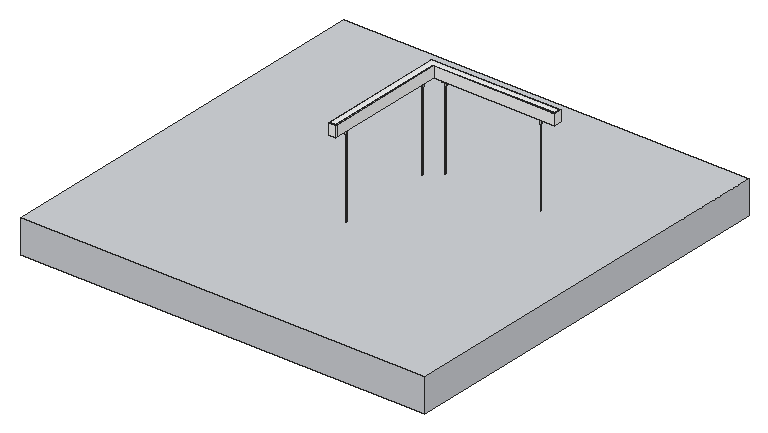
Revit family "Zumtobel SLOTLIGHT INF slim CL", category Lighting Fixtures, host Face, Revit 2016
Family settings
  Host = Face
  Part Type = Normal
  Round Connector Dimension = Use Diameter
  OmniClass Number = 23.80.70.11
  OmniClass Title = Luminaries for Internal Lighting
  Cut with Voids When Loaded = No
  Light Source = Yes
  Shared = No
  Room Calculation Point = No
Parameters (values of type "SLOIN slim CL LED2400 L775")
  Width = 45 mm  # constant formula
  Wattage = 16.8033 W
  built-in parameter 1150110 = 1 (stored number, unit not read)
  URL = "http://www.zumtobel.com/42183998"
  Type Comments = "© Zumtobel. We reserve the right to make technical changes without prior notice."  # constant formula
  built-in parameter 1114217 = 1 (stored number, unit not read)
  Tilt Angle = -90.00°
  built-in parameter 1150109 = 1 (stored number, unit not read)
  built-in parameter 1150134 = 12
  Suspension Value [instance] = if(Recessed, 0 mm, Suspension Height)  # 500 mm
  Suspension Height [instance] = 500 mm
  Surface Mount Offset [instance] = if(and(Surface Mount, Suspension Height > 0 mm), 0 mm, if(and(Surface Mount, Suspension Height = 0 mm), 8.5 mm, 0 mm))  # 0 mm
  Surface Mount Clip [instance] = and(Surface Mount, Suspension Height = 0 mm)  # no
  built-in parameter 1150113 = 1 (stored number, unit not read)
  Photometric Web File = "42183998.IES"
  Offset Body [instance] = if(Recessed, 0 mm, 7.5 mm)  # 7.5 mm
  Model = "42183998"
  Manufacturer = "Zumtobel Lighting"  # constant formula
  built-in parameter 1150105 = 198.63 (stored number, unit not read)
  Lumens = 2496 lm
  built-in parameter 1150115 = 1 (stored number, unit not read)
  Light Source Offset [instance] = if(Recessed, 0 mm, (if(and(Surface Mount, Suspension Height = 0 mm), 80 mm, 71.5 mm)))  # 71.5 mm
  built-in parameter 1150137 = (empty or 0)
  built-in parameter 1150139 = (empty or 0)
  Length = 775 mm
  built-in parameter 1150112 = 1 (stored number, unit not read)
  built-in parameter 1150114 = 1 (stored number, unit not read)
  Lamp = "LED"
  Installation Depth [instance] = if(and(Surface Mount, Suspension Height > 0 mm), 0 mm, if(and(Surface Mount, Suspension Height = 0 mm), 0 mm, 64 mm))  # 0 mm
  built-in parameter 1150132 = 2
  built-in parameter 1150102 = (empty or 0)
  built-in parameter 1150107 = 4000 (stored number, unit not read)
  built-in parameter 1150138 = (empty or 0)
  built-in parameter 1150106 = 1.9863 (stored number, unit not read)
  Height = 64 mm  # constant formula
  Frame [instance] = no
  Emit from Rectangle Width = Length  # 775 mm
  Emit from Rectangle Length = Width  # 45 mm
  Recessed [instance] = no
  Emit Shape Visible in Rendering = no
  built-in parameter 1150104 = 13.8 (stored number, unit not read)
  Dimming Lamp Color Temperature Shift = <None>
  Description = "SLOTLIGHT infinity slim corner luminaire"  # constant formula
  Default Elevation = 0 mm
  Cover 2 [instance] = yes
  Cover 1 [instance] = yes
  Color Light Emitting Surface = Zumtobel_PMMA_White
  Color Filter = 16777215
  Clip [instance] = and(Surface Mount, Suspension Height > 0 mm)  # yes
  Body = Zumtobel_Metal_White
  built-in parameter 1114218 = 1 (stored number, unit not read)
  built-in parameter 1150133 = 10 (stored number, unit not read)
  Assembly Code = "D5020200"
  Apparent Load = 91.4 VA
  Surface Mount [instance] = not(Recessed)  # yes
Reference planes
  plane 1 "Center (Front/Back)": y = 0
  plane 2 "Top": z = 0
  plane 3 "Center (Left/Right)": x = -0.5
  plane 4: y = 387.5
  plane 5: y = -387.5
  plane 6: x = 22
  plane 7: x = -23
  plane 8: z = 23
  plane 9 "Installation": z = 0
  plane 10 "Bottom": z = 0
  plane 11: z = 500
  plane 12: z = 571.5
  plane 13: z = 0
  plane 14: x = 755
Forms (mm)
  Extrusion 1, solid
    sketch origin (0, 0, 0) x (1, 0, 0) y (0, 1, 0)
      loop
        line (-1219.2, 1219.2) -> (-1219.2, -1219.2) -> (1219.2, -1219.2) -> (1219.2, 1219.2) -> (-1219.2, 1219.2)
    from 0 to -200
  Extrusion 2, void
    sketch origin (0, 0, 0) x (-1, 0, 0) y (0, -1, 0)
      loop
        line (23, 387.5) -> (-22, 387.5) -> (-22, -342.5) -> (-755, -342.5) -> (-755, -387.5) -> (23, -387.5) -> (23, 387.5)
    from 0 to 250
Dimensions and locks
  equal spacing: plane 4, plane 1 "Center (Front/Back)", plane 5
  "Length": plane 4 to plane 5
  "Width": plane 7 to plane 6
  equal spacing: plane 7, plane 3 "Center (Left/Right)", plane 6
  "Installation Depth": plane 2 "Top" to plane 9 "Installation"
  "Suspension Value": plane 11 to plane 10 "Bottom"
  "Light Source Offset": plane 12 to plane 11
  "Surface Mount Offset": plane 13 to plane 9 "Installation"
  aligned and locked: plane 2 "Top" to Extrusion 1
  aligned and locked: level to Extrusion 1
  aligned: Extrusion 2 to imposter light
  aligned: plane 9 "Installation" to nested 1
  aligned: Extrusion 2 to plane 10 "Bottom"
  aligned: Extrusion 2 to nested 1
  aligned and locked: plane 3 "Center (Left/Right)" to nested 1
  aligned and locked: nested 1 to plane 1 "Center (Front/Back)"
  aligned: imposter light to nested 1
  aligned and locked: Extrusion 2 sketch curve to plane 6
  aligned and locked: plane 7 to Extrusion 2 sketch curve
  aligned and locked: Extrusion 2 sketch curve to plane 5
  aligned and locked: plane 3 "Center (Left/Right)" to imposter light
  aligned and locked: imposter light to plane 12
  aligned and locked: nested 1 to plane 13
Automatic sketch dimensions
  Extrusion 1 sketch curve to Extrusion 1 sketch curve = 2438.4 mm  (x2)
  Extrusion 2 sketch curve to plane 4 = 0 mm
  plane 4 to Extrusion 2 sketch curve = 45 mm
  Extrusion 2 sketch curve to plane 14 = 0 mm
Nested families
  nested 1: "Zumtobel SLOTLIGHT - Body" at (199.5, 197.576, 120), Suspension Height <- "Suspension Value", Color Light Emitting Surface <- "Color Light Emitting Surface", Offset <- "Offset Body", Cover 1 <- "Cover 1", Cover 2 <- "Cover 2", Clip <- "Clip", Frame <- "Frame", Surface Mount Clip <- "Surface Mount Clip", type "Zumtobel SLOTLIGHT - Body"
    with Suspension Length 500 mm, Suspension Height 500 mm, Suspension yes, Surface Mount Clip no, Offset 7.5 mm, Frame no, Cover 2 yes, Cover 1 yes, Color Light Emitting Surface Zumtobel_PMMA_White, Clip yes
Connectors
  electrical at (-0.5, 287.5, 0), driven by "Apparent Load"
    settings: index 1, voltage 230 V, apparent load 0 VA, apparent load phase1 91.4 VA, apparent load phase2 0 VA, apparent load phase3 0 VA, power factor 1, load classification "Other", number of poles 1, system type 31, power factor state 1, is connector primary yes, connector utility no, sub classification motor no, connector description ""
Definition of nested family "Zumtobel SLOTLIGHT - Body"
  Parameters (values of type "Zumtobel SLOTLIGHT - Body")
    Width = 45 mm
    Wattage = 16.8033 W
    built-in parameter 1150110 = 1 (stored number, unit not read)
    Voltage = 0
    URL = ""
    built-in parameter 1114217 = 1 (stored number, unit not read)
    Tilt Angle = -90.00°
    built-in parameter 1150109 = 1 (stored number, unit not read)
    built-in parameter 1150134 = 12
    Suspension Length [instance] = if(Suspension Height = 0 mm, 500 mm, Suspension Height)  # 250 mm
    Suspension Height [instance] = 250 mm
    Suspension [instance] = (Suspension Height > 0 mm)  # yes
    Surface Mount Clip [instance] = yes
    built-in parameter 1150113 = 1 (stored number, unit not read)
    Photometric Web File = "42183998.IES"
    Offset [instance] = 7.5 mm
    Model = ""
    Manufacturer = "Zumtobel Lighting"
    built-in parameter 1150105 = 919.78 (stored number, unit not read)
    Lumens = 2496 lm
    built-in parameter 1150115 = 1 (stored number, unit not read)
    built-in parameter 1150137 = (empty or 0)
    built-in parameter 1150139 = (empty or 0)
    Length = 775 mm
    built-in parameter 1150112 = 1 (stored number, unit not read)
    built-in parameter 1150114 = 1 (stored number, unit not read)
    Lamp = ""
    built-in parameter 1150132 = 2
    built-in parameter 1150102 = (empty or 0)
    built-in parameter 1150107 = 4000 (stored number, unit not read)
    built-in parameter 1150138 = (empty or 0)
    built-in parameter 1150106 = 9.1978 (stored number, unit not read)
    Height = 64 mm
    Frame [instance] = yes
    Emit from Rectangle Width = 45 mm
    Emit from Rectangle Length = 775 mm
    Emit Shape Visible in Rendering = no
    built-in parameter 1150104 = 13.8 (stored number, unit not read)
    Dimming Lamp Color Temperature Shift = (empty or 0)
    Description = ""
    Cover 2 [instance] = yes
    Cover 1 [instance] = yes
    Color Light Emitting Surface [instance] = none
    Color Filter = 16777215
    Clip [instance] = yes
    Body = none
    built-in parameter 1114218 = 1 (stored number, unit not read)
    built-in parameter 1150133 = 10 (stored number, unit not read)
    Assembly Code = "D5020200"
    Apparent Load = 0 VA
  Reference planes
    plane 1 "Bottom Body": z = 130
    plane 2 "Center (Left/Right)": x = -200
    plane 3 "Center (Front/Back)": y = -197.576
    plane 4 "Light Source Axis 1": y = -382.129
    plane 5 "Back": y = 189.924
    plane 6 "Front": y = -585.076
    plane 7: x = -177.5
    plane 8: x = -222.5
    plane 9 "Top": z = 201.5
    plane 10: z = 153
    plane 11 "Bottom": z = -120
    plane 12 "Suspension 2": y = 89.924
    plane 13 "Suspension 1": y = -485.076
    plane 14 "Suspension Height": z = 130
    plane 15: z = 105
    plane 16: z = 137.5
    plane 17: y = 199.924
    plane 18: x = 552.5
    plane 19: x = 452.5
    plane 20: y = 144.924
    plane 21: y = 167.424
    plane 22: x = -122.5
    plane 23: x = 165
  Forms (mm)
    Extrusion 1, solid, visible <- "Suspension", detail levels medium+fine
      sketch origin (0, 0, -120) x (1, 0, 0) y (0, 1, 0)
        loop
          circle (-200, 89.924) r 1.5
        loop
          circle (-200, -485.076) r 1.5
        loop
          circle (-122.5, 167.424) r 1.5
        loop
          circle (452.5, 167.424) r 1.5
      from 0 to 225
    Extrusion 2, solid, visible <- "Suspension", detail levels medium+fine
      sketch origin (0, 0, -40) x (1, 0, 0) y (0, 1, 0)
        loop
          circle (-200, 89.924) r 5
        loop
          circle (-200, -485.076) r 5
        loop
          circle (-122.5, 167.424) r 5
        loop
          circle (452.5, 167.424) r 5
      from 145 to 170
    Sweep 3, solid, material <- "Body", detail levels medium+fine
      path origin (0, 0, 201.5) x (-1, 0, 0) y (0, -1, 0)
        loop
          line (200, 585.076) -> (200, -167.424) -> (-552.5, -167.424)
      profile "Zumtobel SLOTLIGHT INF Profile : Zumtobel SLOTLIGHT INF Profile" origin (-200, -208.826, 201.5) x (-1, 0, 0) y (0, 0, 1)
        loop
          line (-22.5, -64) -> (-20, -64) -> (-20, -59) -> (20, -59) -> (20, -64) -> (22.5, -64) -> (22.5, 0) -> (20, 0) -> (20, -5) -> (17.5, -5) -> (17.5, 0) -> (-17.5, 0) -> (-17.5, -5) -> (-20, -5) -> (-20, 0) -> (-22.5, 0) -> (-22.5, -64)
    Sweep 4, solid, visible <- "Clip", detail levels medium+fine
      path origin (0, 0, 201.5) x (-1, 0, 0) y (0, -1, 0)
        loop
          line (200, -79.924) -> (200, -99.924)
      profile "Zumtobel SLOTLIGHT INF Clip Profile : Zumtobel SLOTLIGHT INF Clip Profile" origin (-200, 89.924, 201.5) x (-1, 0, 0) y (0, 0, 1)
        loop
          line (-20.008, -59.002) -> (-20.008, -61.502) -> (-14.508, -61.502) -> (-12.014, -71.502) -> (12.014, -71.502) -> (14.508, -61.502) -> (20.008, -61.502) -> (20.008, -59.002) -> (12.554, -59.002) -> (10.061, -69.002) -> (-10.061, -69.002) -> (-12.554, -59.002) -> (-20.008, -59.002)
    Sweep 5, solid, visible <- "Clip", detail levels medium+fine
      path origin (0, -395.153, 201.5) x (-1, 0, 0) y (0, 1, 0)
        loop
          line (200, -79.924) -> (200, -99.924)
      profile "Zumtobel SLOTLIGHT INF Clip Profile : Zumtobel SLOTLIGHT INF Clip Profile" origin (-200, -485.076, 201.5) x (1, 0, 0) y (0, 0, 1)
        loop
          line (20.008, -59.002) -> (12.554, -59.002) -> (10.061, -69.002) -> (-10.061, -69.002) -> (-12.554, -59.002) -> (-20.008, -59.002) -> (-20.008, -61.502) -> (-14.508, -61.502) -> (-12.014, -71.502) -> (12.014, -71.502) -> (14.508, -61.502) -> (20.008, -61.502) -> (20.008, -59.002)
    Sweep 6, solid, material <- "Body", visible <- "Cover 1", detail levels medium+fine
      path origin (0, -395.153, 201.5) x (-1, 0, 0) y (0, 1, 0)
        loop
          line (200, -189.924) -> (200, -192.924)
      profile "Zumtobel SLOTLIGHT INF Cover : Zumtobel SLOTLIGHT INF Cover" origin (-200, -586.576, 201.5) x (1, 0, 0) y (0, 0, 1)
        loop
          line (22.5, -64) -> (22.5, 0) -> (-22.5, 0) -> (-22.5, -64) -> (22.5, -64)
    Sweep 7, solid, material <- "Body", visible <- "Frame", detail levels medium+fine
      path origin (100, 0, 201.5) x (-1, 0, 0) y (0, -1, 0)
        loop
          line (300, 585.076) -> (300, -167.424) -> (-452.5, -167.424)
      profile "Zumtobel SLOTLIGHT INF Frame : Zumtobel SLOTLIGHT INF Frame" origin (-200, -208.826, 201.5) x (-1, 0, 0) y (0, 0, 1)
        loop
          line (25, 0) -> (25, 2.5) -> (20, 2.5) -> (20, 0) -> (25, 0)
        loop
          line (-25, 0) -> (-20, 0) -> (-20, 2.5) -> (-25, 2.5) -> (-25, 0)
    Extrusion 8, solid, material <- "Body", visible <- "Frame", detail levels medium+fine
      sketch origin (0, -585.076, 0) x (-1, 0, 0) y (0, 0, 1)
        loop
          line (225, 204) -> (175, 204) -> (175, 201.5) -> (225, 201.5) -> (225, 204)
      from 0 to -5
    Sweep 9, solid, visible <- "Surface Mount Clip", detail levels medium+fine
      path origin (-162.76, -34.525, 201.5) x (-1, 0, 0) y (0, -1, 0)
        loop
          line (37.24, -134.448) -> (37.24, -114.448)
      profile "Zumtobel SLOTLIGHT INF Surface Mount Profile : Zumtobel SLOTLIGHT INF Surface Mount Profile" origin (-200, 89.924, 201.5) x (1, 0, 0) y (0, 0, 1)
        loop
          line (20.008, -59.002) -> (-20.008, -59.002) -> (-20.008, -64.002) -> (-16.018, -80.002) -> (16.018, -80.002) -> (20.008, -64.002) -> (20.008, -59.002)
    Sweep 10, solid, visible <- "Surface Mount Clip", detail levels medium+fine
      path origin (-162.76, -360.628, 201.5) x (-1, 0, 0) y (0, 1, 0)
        loop
          line (37.24, -134.448) -> (37.24, -114.448)
      profile "Zumtobel SLOTLIGHT INF Surface Mount Profile : Zumtobel SLOTLIGHT INF Surface Mount Profile" origin (-200, -485.076, 201.5) x (-1, 0, 0) y (0, 0, 1)
        loop
          line (-20.008, -59.002) -> (-20.008, -64.002) -> (-16.018, -80.002) -> (16.018, -80.002) -> (20.008, -64.002) -> (20.008, -59.002) -> (-20.008, -59.002)
    Sweep 11, solid, material <- "Body", visible <- "Cover 2", detail levels medium+fine
      path origin (362.576, 364.924, 201.5) x (0, -1, 0) y (-1, 0, 0)
        loop
          line (197.5, -189.924) -> (197.5, -192.924)
      profile "Zumtobel SLOTLIGHT INF Cover : Zumtobel SLOTLIGHT INF Cover" origin (554, 167.424, 201.5) x (0, 1, 0) y (0, 0, 1)
        loop
          line (22.5, -64) -> (22.5, 0) -> (-22.5, 0) -> (-22.5, -64) -> (22.5, -64)
    Extrusion 12, solid, material <- "Body", visible <- "Frame", detail levels medium+fine
      sketch origin (552.5, 367.424, 0) x (0, -1, 0) y (0, 0, 1)
        loop
          line (225, 204) -> (175, 204) -> (175, 201.5) -> (225, 201.5) -> (225, 204)
      from 0 to -5
    Sweep 13, solid, visible <- "Clip", detail levels medium+fine
      path origin (-32.576, -32.576, 201.5) x (0, 1, 0) y (1, 0, 0)
        loop
          line (200, -79.924) -> (200, -99.924)
      profile "Zumtobel SLOTLIGHT INF Clip Profile : Zumtobel SLOTLIGHT INF Clip Profile" origin (-122.5, 167.424, 201.5) x (0, -1, 0) y (0, 0, 1)
        loop
          line (20.008, -59.002) -> (12.554, -59.002) -> (10.061, -69.002) -> (-10.061, -69.002) -> (-12.554, -59.002) -> (-20.008, -59.002) -> (-20.008, -61.502) -> (-14.508, -61.502) -> (-12.014, -71.502) -> (12.014, -71.502) -> (14.508, -61.502) -> (20.008, -61.502) -> (20.008, -59.002)
    Sweep 14, solid, visible <- "Clip", detail levels medium+fine
      path origin (362.576, -32.576, 201.5) x (0, 1, 0) y (-1, 0, 0)
        loop
          line (200, -79.924) -> (200, -99.924)
      profile "Zumtobel SLOTLIGHT INF Clip Profile : Zumtobel SLOTLIGHT INF Clip Profile" origin (452.5, 167.424, 201.5) x (0, 1, 0) y (0, 0, 1)
        loop
          line (-20.008, -59.002) -> (-20.008, -61.502) -> (-14.508, -61.502) -> (-12.014, -71.502) -> (12.014, -71.502) -> (14.508, -61.502) -> (20.008, -61.502) -> (20.008, -59.002) -> (12.554, -59.002) -> (10.061, -69.002) -> (-10.061, -69.002) -> (-12.554, -59.002) -> (-20.008, -59.002)
    Sweep 15, solid, visible <- "Surface Mount Clip", detail levels medium+fine
      path origin (1.948, 130.184, 201.5) x (0, 1, 0) y (1, 0, 0)
        loop
          line (37.24, -134.448) -> (37.24, -114.448)
      profile "Zumtobel SLOTLIGHT INF Surface Mount Profile : Zumtobel SLOTLIGHT INF Surface Mount Profile" origin (-122.5, 167.424, 201.5) x (0, 1, 0) y (0, 0, 1)
        loop
          line (-20.008, -59.002) -> (-20.008, -64.002) -> (-16.018, -80.002) -> (16.018, -80.002) -> (20.008, -64.002) -> (20.008, -59.002) -> (-20.008, -59.002)
    Sweep 16, solid, visible <- "Surface Mount Clip", detail levels medium+fine
      path origin (328.052, 130.184, 201.5) x (0, 1, 0) y (-1, 0, 0)
        loop
          line (37.24, -134.448) -> (37.24, -114.448)
      profile "Zumtobel SLOTLIGHT INF Surface Mount Profile : Zumtobel SLOTLIGHT INF Surface Mount Profile" origin (452.5, 167.424, 201.5) x (0, -1, 0) y (0, 0, 1)
        loop
          line (20.008, -59.002) -> (-20.008, -59.002) -> (-20.008, -64.002) -> (-16.018, -80.002) -> (16.018, -80.002) -> (20.008, -64.002) -> (20.008, -59.002)
  Cuts and joins
    joined: Sweep 7, Extrusion 8, Extrusion 12
  Lines and regions (mm)
    symbolic lines, detail levels coarse
      curve 1: line (-222.5, -585.076, -120) -> (-177.5, -585.076, -120)
      curve 2: line (-200, 167.424, -120) -> (-200, -585.076, -120)
  Dimensions and locks
    locked: plane 3 "Center (Front/Back)" to plane 4 "Light Source Axis 1" at 184.553
    equal spacing: plane 5 "Back", plane 3 "Center (Front/Back)", plane 6 "Front"
    "Length": plane 5 "Back" to plane 6 "Front"
    equal spacing: plane 8, plane 2 "Center (Left/Right)", plane 7
    locked: plane 8 to plane 7 at 45
    "Height": plane 9 "Top" to plane 16
    plane 10 to plane 1 "Bottom Body" = 23 mm
    locked: plane 13 "Suspension 1" to plane 6 "Front" at 100
    locked: plane 5 "Back" to plane 12 "Suspension 2" at 100
    "Suspension Height": plane 1 "Bottom Body" to plane 11 "Bottom"
    "Suspension Length": plane 14 "Suspension Height" to plane 11 "Bottom"
    "Offset": plane 16 to plane 1 "Bottom Body"
    locked: plane 14 "Suspension Height" to plane 15 at 25
    plane 17 to plane 5 "Back" = 10 mm
    "Length": plane 8 to plane 18
    locked: plane 19 to plane 18 at 100
    locked: plane 5 "Back" to plane 20 at 45
    equal spacing: plane 5 "Back", plane 21, plane 20
    locked: plane 8 to plane 22 at 100
    equal spacing: plane 8, plane 23, plane 18
    aligned and locked: level to plane 11 "Bottom"
    aligned and locked: Extrusion 1 to plane 11 "Bottom"
    aligned: plane 14 "Suspension Height" to Extrusion 1
    aligned: plane 1 "Bottom Body" to Extrusion 2
    aligned and locked: plane 8 to curve 1
    aligned and locked: curve 1 to plane 7
    aligned and locked: plane 6 "Front" to curve 2
    aligned and locked: curve 2 to plane 2 "Center (Left/Right)"
    aligned and locked: curve 1 to plane 6 "Front"
    aligned and locked: Sweep 3 sketch curve to plane 2 "Center (Left/Right)"
    aligned and locked: plane 6 "Front" to Sweep 3 sketch curve
    aligned and locked: plane 15 to Extrusion 2
    aligned and locked: Extrusion 1 to plane 15
    aligned and locked: plane 14 "Suspension Height" to Extrusion 2
    aligned and locked: plane 6 "Front" to Sweep 7 sketch curve
    aligned and locked: Sweep 3 sketch curve to plane 21
    aligned and locked: plane 18 to Sweep 3 sketch curve
    aligned and locked: Sweep 7 sketch curve to plane 21
    aligned and locked: plane 18 to Sweep 7 sketch curve
    aligned and locked: imposter light to plane 9 "Top"
  Automatic sketch dimensions
    curve 2 to plane 21 = 0 mm
    Extrusion 1 sketch curve to plane 2 "Center (Left/Right)" = 0 mm  (x2)
    Extrusion 1 sketch curve to plane 21 = 0 mm
    Extrusion 1 sketch curve to plane 22 = 0 mm
    Extrusion 1 sketch curve to plane 19 = 0 mm
    plane 13 "Suspension 1" to Extrusion 1 sketch curve = 0 mm
    Extrusion 1 sketch curve to plane 12 "Suspension 2" = 0 mm
    plane 21 to Extrusion 1 sketch curve = 0 mm
    Extrusion 2 sketch curve to plane 2 "Center (Left/Right)" = 0 mm  (x2)
    Extrusion 2 sketch curve to plane 21 = 0 mm
    Extrusion 2 sketch curve to plane 22 = 0 mm
    Extrusion 2 sketch curve to plane 19 = 0 mm
    plane 13 "Suspension 1" to Extrusion 2 sketch curve = 0 mm
    Extrusion 2 sketch curve to plane 12 "Suspension 2" = 0 mm
    plane 21 to Extrusion 2 sketch curve = 0 mm
    Sweep 4 sketch curve to plane 2 "Center (Left/Right)" = 0 mm
    plane 12 "Suspension 2" to Sweep 4 sketch curve = 10 mm
    Sweep 4 sketch curve to plane 12 "Suspension 2" = 10 mm
    Sweep 5 sketch curve to plane 2 "Center (Left/Right)" = 0 mm
    Sweep 5 sketch curve to plane 13 "Suspension 1" = 10 mm
    plane 13 "Suspension 1" to Sweep 5 sketch curve = 10 mm
    Sweep 6 sketch curve to plane 2 "Center (Left/Right)" = 0 mm
    Sweep 6 sketch curve to plane 6 "Front" = 0 mm
    Sweep 6 sketch curve to Sweep 6 sketch curve = 3 mm
    Sweep 7 sketch curve to plane 2 "Center (Left/Right)" = 0 mm
    Extrusion 8 sketch curve to plane 9 "Top" = 0 mm
    plane 7 to Extrusion 8 sketch curve = 2.5 mm
    plane 8 to Extrusion 8 sketch curve = 2.5 mm
    plane 9 "Top" to Extrusion 8 sketch curve = 2.5 mm
    Sweep 9 sketch curve to plane 2 "Center (Left/Right)" = 0 mm
    plane 12 "Suspension 2" to Sweep 9 sketch curve = 10 mm
    Sweep 9 sketch curve to plane 12 "Suspension 2" = 10 mm
    Sweep 10 sketch curve to plane 2 "Center (Left/Right)" = 0 mm
    Sweep 10 sketch curve to plane 13 "Suspension 1" = 10 mm
    plane 13 "Suspension 1" to Sweep 10 sketch curve = 10 mm
    plane 21 to Sweep 11 sketch curve = 0 mm
    Sweep 11 sketch curve to plane 18 = 0 mm
    Sweep 11 sketch curve to plane 18 = 3 mm
    Extrusion 12 sketch curve to plane 9 "Top" = 0 mm
    plane 5 "Back" to Extrusion 12 sketch curve = 2.5 mm
    Extrusion 12 sketch curve to plane 20 = 2.5 mm
    Extrusion 12 sketch curve to Extrusion 12 sketch curve = 2.5 mm
    Sweep 13 sketch curve to plane 21 = 0 mm
    Sweep 13 sketch curve to plane 22 = 10 mm
    plane 22 to Sweep 13 sketch curve = 10 mm
    plane 21 to Sweep 14 sketch curve = 0 mm
    plane 19 to Sweep 14 sketch curve = 10 mm
    Sweep 14 sketch curve to plane 19 = 10 mm
    Sweep 15 sketch curve to plane 21 = 0 mm
    Sweep 15 sketch curve to plane 22 = 10 mm
    plane 22 to Sweep 15 sketch curve = 10 mm
    plane 21 to Sweep 16 sketch curve = 0 mm
    plane 19 to Sweep 16 sketch curve = 10 mm
    Sweep 16 sketch curve to plane 19 = 10 mm
    radius of Extrusion 1 sketch curve = 1.5 mm  (x4)
    radius of Extrusion 2 sketch curve = 5 mm  (x4)
